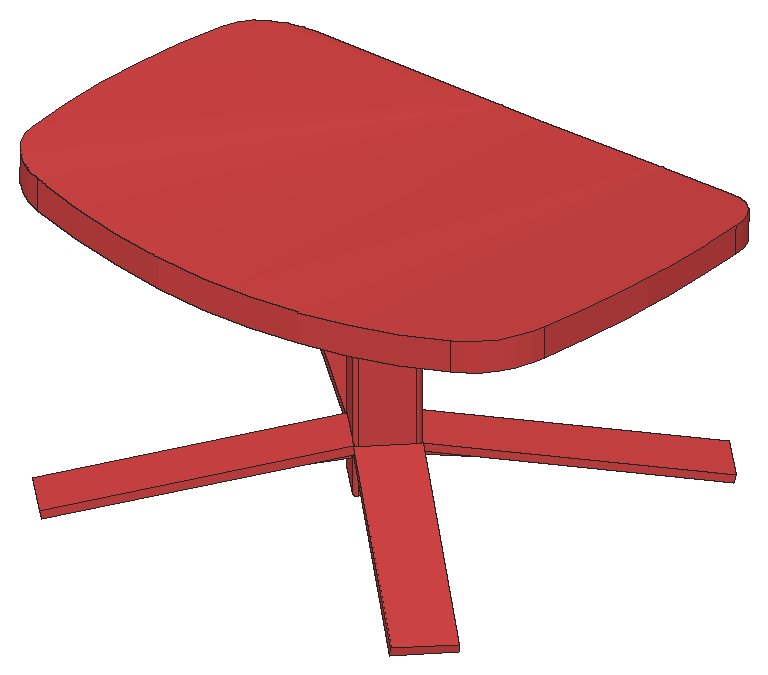
Revit family "Haworth_Windowseat_Ottoman", category Furniture, Revit 2018
Family settings
  OmniClass Number = 23.40.20.00
  OmniClass Title = General Furniture and Specialties
  Work Plane-Based = No
  Always vertical = Yes
  Cut with Voids When Loaded = No
  Shared = No
  Room Calculation Point = No
Parameters (values of type "HCCL-WINF")
  Warranty = "http://www.haworth.com/resources/product-info/warranties"
  Upholstery Finish [instance] = Haworth _ Fabric _ Divina _ Poppy
  URL - Product = "http://www.haworth.com/products/seating/lounge-chairs/windowseat"
  URL = "http://www.haworth.com/our-brands/haworth-collection"
  Revision = "4"  # constant formula
  Model = "HCCL-WINF"
  Manufacturer = "Haworth"  # constant formula
  Description = "Haworth Windowseat Ottoman"
  Base Finish [instance] = Haworth _ Paint _ Accent Red
  Author = "Haworth (Hampton)"  # constant formula
  Assembly Code = "E2020200"
Reference planes (in)
  plane 1 "Center Front/Back": y = 0
  plane 2: z = 0
  plane 3 "Center Left/Right": x = 0
  plane 4 "Leg Wide Back": through (12.82655, -11.17552, 48) normal (0.7105, 0.7037, 0)
  plane 5 "Leg Narrow Back": through (11.04963, -10.98004, 48) normal (0.7105, 0.7037, 0)
  plane 6 "Leg Wide Front": through (11.05052, -12.9344, 48) normal (0.7105, 0.7037, 0)
  plane 7 "Leg Narrow Front": through (10.87229, -11.15567, 48) normal (0.7105, 0.7037, 0)
  plane 8 "Base Bottom": z = 0.25
  plane 9 "Base Top": z = 10.39039
  plane 10 "Void Left": x = -13
  plane 11 "Void Right": x = 13
  plane 12 "Cushion Bottom": z = 9.73309
  plane 13 "Cushion Top": z = 14.48309
  plane 14 "Slope": through (480, -10.70013, 13.55617) normal (0, 0.0698, 0.9976)
  plane 15 "Slope Bottom": through (480, -10.64657, 11.57407) normal (0, 0.0698, 0.9976)
Forms (in)
  Extrusion 1, solid, material "Haworth _ Paint _ Accent Red" <- "Base Finish"
    sketch origin (-3.10957, -3.25517, 0) x (-0.71053, -0.703667, 0) y (0, 0, -1)
      loop
        line (-17.13585, 0.00324) -> (-17.19463, -0.33009) -> (-5.75026, -2.34804) -> (-5.75026, -2.00435) -> (-17.13585, 0.00324)
    from -1.37459 to 1.125
  Extrusion 2, solid, material "Haworth _ Paint _ Accent Red" <- "Base Finish"
    sketch origin (0.87944, -0.88802, 0) x (-0.71053, -0.703667, 0) y (0, 0, -1)
      loop
        line (-1.25026, -1.23495) -> (-12.28822, -0.03208) -> (-12.28822, 0) -> (-12.58502, 0) -> (-1.25026, -1.99862) -> (-1.25026, -1.23495)
    from -1.37459 to -1.125
  Extrusion 3, solid, material "Haworth _ Paint _ Accent Red" <- "Base Finish"
    sketch origin (0, 0, 0.25) x (-0.703667, 0.71053, 0) y (-0.71053, -0.703667, 0)
      loop
        arc (1.06276, -1.2498) -> (1.19535, -1.19488) -> (1.25026, -1.0623) r 0.1875
        line (1.25026, -1.0623) -> (1.25026, 1.06276)
        arc (1.25026, 1.06276) -> (1.19535, 1.19535) -> (1.06276, 1.25026) r 0.1875
        line (1.06276, 1.25026) -> (-1.0623, 1.25026)
        arc (-1.0623, 1.25026) -> (-1.19488, 1.19535) -> (-1.2498, 1.06276) r 0.1875
        line (-1.2498, 1.06276) -> (-1.2498, -1.0623)
        arc (-1.2498, -1.0623) -> (-1.19488, -1.19488) -> (-1.0623, -1.2498) r 0.1875
        line (-1.0623, -1.2498) -> (1.06276, -1.2498)
    from 0 to 10.14039
  Extrusion 4, solid, material "Haworth _ Paint _ Accent Red" <- "Base Finish"
    sketch origin (3.10957, -3.25517, 0) x (0.71053, -0.703667, 0) y (0, 0, 1)
      loop
        line (-17.13585, -0.00324) -> (-5.75026, 2.00435) -> (-5.75026, 2.34804) -> (-17.19463, 0.33009) -> (-17.13585, -0.00324)
    from -1.37459 to 1.125
  Extrusion 5, solid, material "Haworth _ Paint _ Accent Red" <- "Base Finish"
    sketch origin (-0.87944, -0.88802, 0) x (0.71053, -0.703667, 0) y (0, 0, 1)
      loop
        line (-1.25026, 1.23495) -> (-1.25026, 1.99862) -> (-12.58502, 0) -> (-12.28822, 0) -> (-12.28822, 0.03208) -> (-1.25026, 1.23495)
    from -1.37459 to -1.125
  Extrusion 6, solid, material "Haworth _ Paint _ Accent Red" <- "Base Finish"
    sketch origin (3.10957, 3.25517, 0) x (0.71053, 0.703667, 0) y (0, 0, -1)
      loop
        line (-17.13585, 0.00324) -> (-17.19463, -0.33009) -> (-5.75026, -2.34804) -> (-5.75026, -2.00435) -> (-17.13585, 0.00324)
    from -1.37459 to 1.125
  Extrusion 7, solid, material "Haworth _ Paint _ Accent Red" <- "Base Finish"
    sketch origin (-0.87944, 0.88802, 0) x (0.71053, 0.703667, 0) y (0, 0, -1)
      loop
        line (-1.25026, -1.23495) -> (-12.28822, -0.03208) -> (-12.28822, 0) -> (-12.58502, 0) -> (-1.25026, -1.99862) -> (-1.25026, -1.23495)
    from -1.37459 to -1.125
  Extrusion 8, solid, material "Haworth _ Paint _ Accent Red" <- "Base Finish"
    sketch origin (-3.10957, 3.25517, 0) x (-0.71053, 0.703667, 0) y (0, 0, 1)
      loop
        line (-17.13585, -0.00324) -> (-5.75026, 2.00435) -> (-5.75026, 2.34804) -> (-17.19463, 0.33009) -> (-17.13585, -0.00324)
    from -1.37459 to 1.125
  Extrusion 9, solid, material "Haworth _ Paint _ Accent Red" <- "Base Finish"
    sketch origin (0.87944, 0.88802, 0) x (-0.71053, 0.703667, 0) y (0, 0, 1)
      loop
        line (-1.25026, 1.23495) -> (-1.25026, 1.99862) -> (-12.58502, 0) -> (-12.28822, 0) -> (-12.28822, 0.03208) -> (-1.25026, 1.23495)
    from -1.37459 to -1.125
  Extrusion 10, solid, material "Haworth _ Fabric _ Divina _ Poppy" <- "Upholstery Finish"
    sketch origin (0, 0, 10.39039) x (-1, 0, 0) y (0, -1, 0)
      loop
        arc (9.59042, -8.1287) -> (11.15321, -7.21693) -> (11.90749, -5.57233) r 3
        arc (11.90749, -5.57233) -> (12.25255, 0) -> (11.90749, 5.57233) r 45.16507
        arc (11.90749, 5.57233) -> (11.15321, 7.21693) -> (9.59042, 8.1287) r 3
        arc (9.59042, 8.1287) -> (0, 9.19675) -> (-9.59042, 8.1287) r 43.59197
        arc (-9.59042, 8.1287) -> (-11.15321, 7.21693) -> (-11.90749, 5.57233) r 3
        arc (-11.90749, 5.57233) -> (-12.25255, 0) -> (-11.90749, -5.57233) r 45.16507
        arc (-11.90749, -5.57233) -> (-11.15321, -7.21693) -> (-9.59042, -8.1287) r 3
        arc (-9.59042, -8.1287) -> (0, -9.19675) -> (9.59042, -8.1287) r 43.59197
    from -0.6573 to 4.0927
  SweptBlend 11, void
    path origin (0, 0.89126, 12.74562) x (0, -0.997564, 0.069756) y (1, 0, 0)
      loop
        line (10.34091, 0) -> (-8.4057, 0)
    profile origin (0, -9.42446, 13.46696) x (-1, 0, 0) y (0, 0.069756, 0.997564)
      loop
        line (12.25, 0) -> (13, 0) -> (13, 1.25) -> (-13, 1.25) -> (-13, 0) -> (-12.25, 0)
        arc (-12.25, 0) -> (0, -1.2601) -> (12.25, 0) r 60.17382
    end profile origin (0, 9.27648, 12.15927) x (-1, 0, 0) y (0, 0.069756, 0.997564)
      loop
        line (12.26026, 0.15882) -> (13.01026, 0.15882) -> (13.01026, 2.65882) -> (-13.01026, 2.65882) -> (-13.01026, 0.15882) -> (-12.26026, 0.15882)
        arc (-12.26026, 0.15882) -> (0, -1.09851) -> (12.26026, 0.15882) r 60.40359
  SweptBlend 12, void
    path origin (0, 0.75359, 10.77689) x (0, -0.997564, 0.069756) y (1, 0, 0)
      loop
        line (10.07457, 0) -> (-8.67543, 0)
    profile origin (0, -9.29643, 11.47966) x (-1, 0, 0) y (0, 0.069756, 0.997564)
      loop
        arc (12.27506, 0.64544) -> (0, -0.55539) -> (-12.27506, 0.64544) r 63.33925
        line (-12.27506, 0.64544) -> (-12.27506, -2.56451) -> (12.27506, -2.56451) -> (12.27506, 0.64544)
    end profile origin (0, 9.40789, 10.17173) x (-1, 0, 0) y (0, 0.069756, 0.997564)
      loop
        arc (12.31922, 1.07359) -> (0, -0.42174) -> (-12.31922, 1.07359) r 51.49317
        line (-12.31922, 1.07359) -> (-12.31922, -1.17641) -> (12.31922, -1.17641) -> (12.31922, 1.07359)
Cuts and joins
  SweptBlend 11, SweptBlend 12 cuts Extrusion 10
Lines and regions (in)
  Masking region 1
    outline origin (0, 0, 10.39039) x (-1, 0, 0) y (0, -1, 0)
      loop
        arc (-9.59042, -8.1287) -> (0, -9.19675) -> (9.59042, -8.1287) r 43.59197
        arc (9.59042, -8.1287) -> (11.15321, -7.21693) -> (11.90749, -5.57233) r 3
        arc (11.90749, -5.57233) -> (12.25255, 0) -> (11.90749, 5.57233) r 45.16507
        arc (11.90749, 5.57233) -> (11.15321, 7.21693) -> (9.59042, 8.1287) r 3
        arc (9.59042, 8.1287) -> (0, 9.19675) -> (-9.59042, 8.1287) r 43.59197
        arc (-9.59042, 8.1287) -> (-11.15321, 7.21693) -> (-11.90749, 5.57233) r 3
        arc (-11.90749, 5.57233) -> (-12.25255, 0) -> (-11.90749, -5.57233) r 45.16507
        arc (-11.90749, -5.57233) -> (-11.15321, -7.21693) -> (-9.59042, -8.1287) r 3
Dimensions and locks (in)
  aligned and locked: plane 9 "Base Top" to Extrusion 3
  aligned and locked: Extrusion 10 to plane 12 "Cushion Bottom"
  aligned and locked: plane 13 "Cushion Top" to Extrusion 10
